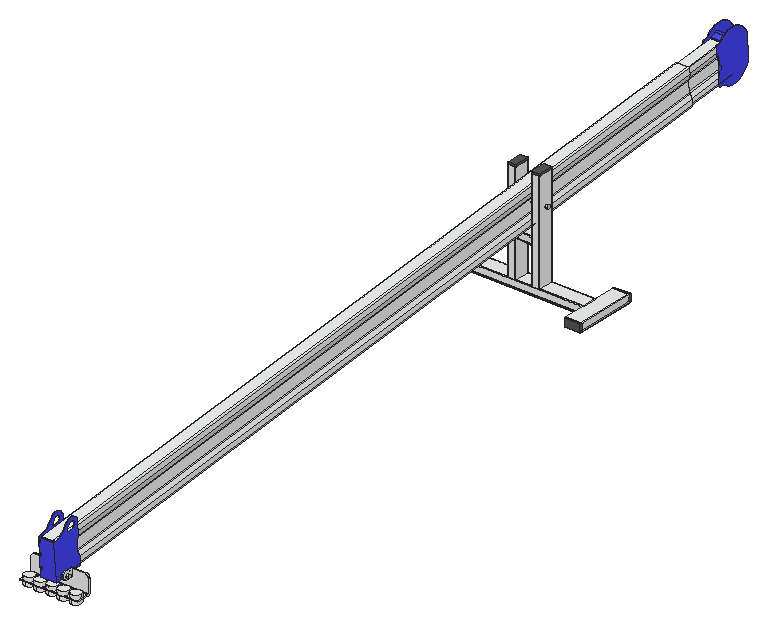
Revit family "FallProtection_RopeAccessNeedle_Kattsafe_400AFrame", category Specialty Equipment, Revit 2025
Family settings
  Round Connector Dimension = Use Diameter
  Part Type = Normal
  OmniClass Number = 23.27.71.21
  Work Plane-Based = No
  Enable Cutting in Views = No
  Always vertical = Yes
  Cut with Voids When Loaded = No
  Maintain Annotation Orientation = No
  Shared = No
  Room Calculation Point = No
Parameters (values of type "1500 Cantilever - Horizontal Trolley (OH404.1500 + OH448A)")
  Uniclass2015Version = "Products v1.23"
  Uniclass2015Title = "Davit arms"
  Uniclass2015Code = "Pr_40_70_75_21"
  URL = "https://kattsafe.com.au/"
  Type IFC Predefined Type = "USERDEFINED"
  Type Comments = "400mm A-Frame - 1500mm Extension - Horizontal Trolley Rear Attachment"
  TrolleyAlignOffset = 15 mm
  SafetyDisclaimer [instance] = "WARNING! The correct placement of access, fall protection and facade maintenance systems is critical to ensure it is fit-for-purpose and safe for the operator to use. Did you know Kattsafe® have a dedicated team of Height Safety System Design Specialists? Kattsafe® provide one-on-one consultation and system design assistance to ensure you are meeting the stringent requirements of height safety and to give you PEACE OF MIND with your project."  # constant formula
  RearMemberFixingPointCalc = RearBeamHeight / 2 - 20 mm  # 75 mm
  RearBeamWidth = if(ExtendableBoom, 70 mm, 60 mm)  # 70 mm
  RearBeamHeight = if(ExtendableBoom, 190 mm, 180 mm)  # 190 mm
  RearBeamAngledHeightCalc = RearBeamHeight - 20 mm  # 170 mm
  RearAttachmentType = Rearattachment_Kattsafe_Needle : Horizontal Trolley (OH448A)
  ModifiedIssue = 20240430
  Model = "OH404.15 + OH448A"
  Material = Aluminum_Kattsafe_Satin
  ManufacturerURLProductSpecific = "https://kattsafe.com.au/products/davits-needles/needles"
  ManufacturerSpecCode = Model  # "OH404.15 + OH448A"
  ManufacturerOverallWidth = 760 mm  # constant formula
  ManufacturerHeightFromFFL [instance] = 0 mm
  Manufacturer = "Kattsafe®"  # constant formula
  MainBoomCenterExtension = if([1500Extension], 975 mm, 0 mm)  # 975 mm
  Keynote = ""
  IfcExportType = "USERDEFINED"
  IfcExportAs = "IfcBuildingElementProxyType"
  NeedleFullyRetracted [instance] = not(NeedleFullyExtended)  # yes
  NeedleFullyExtended [instance] = no
  FramePinHeight = 406 mm  # constant formula
  RearFixingHeight = 42 mm
  ExtendableBoom = [1500Extension]  # yes
  Export Type to IFC As = "IfcBuildingElementProxyType"
  ElementType = "Fall Protection"
  DesiredHeightOffset [instance] = 406 mm
  DesiredBackspanLength [instance] = 3000 mm
  Description = "Kattsafe needles are designed for rope access on roofs where the load needs to be spread to avoid damaging the roof area, and for roofs with no parapets."  # constant formula
  Default Elevation = 0 mm
  CreatedByURL = "https://igsgroup.com.au"
  CreatedBy = "IGS BIM Solutions"  # constant formula
  Assembly Code = "E1090100"
  ActualHeightOffset [instance] = if(DesiredHeightOffset < RearFixingHeight + (RearBeamHeight / 2), RearFixingHeight + (RearBeamHeight / 2), DesiredHeightOffset)  # 406 mm
  ActualCantileverLength [instance] = if([1200Extension], 1210 mm, if(and([1500Extension], NeedleFullyRetracted), 1270 mm, 1520 mm))  # 1270 mm
  ActualBackspanLength [instance] = if(DesiredBackspanLength < ActualCantileverLength * 1.5, ActualCantileverLength * 1.5, if(DesiredBackspanLength > 6000 mm, 6000 mm, DesiredBackspanLength))  # 3000 mm
  1500Extension = not([1200Extension])  # yes
  1200Extension = no
Reference planes
  plane 1 "Center (Front/Back)": y = 0
  plane 2 "Ref. Level": z = 0
  plane 3 "Center (Left/Right)": x = 0
  plane 4 "Left": x = -380
  plane 5 "Right": x = 380
  plane 6 "Bottom": z = 0
  plane 7 "PivotCentre": z = 406
  plane 8 "ActualHeightOffset": z = 0
  plane 9 "DesiredBackspan": y = -3000
  plane 10 "ActualBackspan": y = -3000
  plane 11 "RearFixingPoint": z = 42
  plane 12 "RearMountAlignVertical": z = 0
  plane 13 "FrameFrontOffset": y = 150
  plane 14 "FrameBackOffset": y = -150
  plane 15 "FrameFront": y = 158.5
  plane 16 "FrameBack": y = -158.5
  plane 17 "LeftFrameOffset": x = -300
  plane 18 "RightFrameOffset": x = 300
  plane 19 "StandFront": y = 40
  plane 20 "StandBack": y = -40
  plane 21 "BaseTop": z = 44.5
  plane 22 "BaseBtm": z = 6
  plane 23 "LeftVertical1": x = -79.5
  plane 24 "LeftVertical2": x = -41
  plane 25 "RightVertical1": x = 41
  plane 26 "RightVertical2": x = 79.5
  plane 27 "FrameTop1": z = 271
  plane 28 "FrameBottom": z = 232.5
  plane 29 "FrameTopOffset": z = 556.5
  plane 30 "FrameTop": z = 565
  plane 31 "RearMountAlignHorizontal": y = -2985
Forms (mm)
  Extrusion 1, solid, material "Aluminum_Kattsafe_Satin" <- "Material"
    sketch origin (0, 0, 0) x (1, 0, 0) y (0, 0, 1)
      loop
        arc (-377, 44.5) -> (-379.121, 43.621) -> (-380, 41.5) r 3
        line (-380, 41.5) -> (-380, 9)
        arc (-380, 9) -> (-379.121, 6.879) -> (-377, 6) r 3
        line (-377, 6) -> (-303, 6)
        arc (-303, 6) -> (-300.879, 6.879) -> (-300, 9) r 3
        line (-300, 9) -> (-300, 41.5)
        arc (-300, 41.5) -> (-300.879, 43.621) -> (-303, 44.5) r 3
        line (-303, 44.5) -> (-377, 44.5)
      loop
        line (377, 44.5) -> (303, 44.5)
        arc (303, 44.5) -> (300.879, 43.621) -> (300, 41.5) r 3
        line (300, 41.5) -> (300, 9)
        arc (300, 9) -> (300.879, 6.879) -> (303, 6) r 3
        line (303, 6) -> (377, 6)
        arc (377, 6) -> (379.121, 6.879) -> (380, 9) r 3
        line (380, 9) -> (380, 41.5)
        arc (380, 41.5) -> (379.121, 43.621) -> (377, 44.5) r 3
    from -150 to 150
  Extrusion 2, solid, material "Aluminum_Kattsafe_Satin" <- "Material"
    sketch origin (94.8, 0, 0) x (0, -1, 0) y (0, 0, 1)
      loop
        arc (-37, 44.5) -> (-39.121, 43.621) -> (-40, 41.5) r 3
        line (-40, 41.5) -> (-40, 9)
        arc (-40, 9) -> (-39.121, 6.879) -> (-37, 6) r 3
        line (-37, 6) -> (37, 6)
        arc (37, 6) -> (39.121, 6.879) -> (40, 9) r 3
        line (40, 9) -> (40, 41.5)
        arc (40, 41.5) -> (39.121, 43.621) -> (37, 44.5) r 3
        line (37, 44.5) -> (-37, 44.5)
    from -205.2 to 394.8
  Extrusion 3, solid, material "Plastic_Kattsafe_Black"
    sketch origin (0, -130, 0) x (1, 0, 0) y (0, 0, 1)
      loop
        arc (-377, 44.5) -> (-379.121, 43.621) -> (-380, 41.5) r 3
        line (-380, 41.5) -> (-380, 9)
        arc (-380, 9) -> (-379.121, 6.879) -> (-377, 6) r 3
        line (-377, 6) -> (-303, 6)
        arc (-303, 6) -> (-300.879, 6.879) -> (-300, 9) r 3
        line (-300, 9) -> (-300, 41.5)
        arc (-300, 41.5) -> (-300.879, 43.621) -> (-303, 44.5) r 3
        line (-303, 44.5) -> (-377, 44.5)
      loop
        line (377, 44.5) -> (303, 44.5)
        arc (303, 44.5) -> (300.879, 43.621) -> (300, 41.5) r 3
        line (300, 41.5) -> (300, 9)
        arc (300, 9) -> (300.879, 6.879) -> (303, 6) r 3
        line (303, 6) -> (377, 6)
        arc (377, 6) -> (379.121, 6.879) -> (380, 9) r 3
        line (380, 9) -> (380, 41.5)
        arc (380, 41.5) -> (379.121, 43.621) -> (377, 44.5) r 3
    from 20 to 28.5
  Extrusion 4, solid, material "Plastic_Kattsafe_Black"
    sketch origin (0, 130, 0) x (1, 0, 0) y (0, 0, -1)
      loop
        line (-377, -44.5) -> (-303, -44.5)
        arc (-303, -44.5) -> (-300.879, -43.621) -> (-300, -41.5) r 3
        line (-300, -41.5) -> (-300, -9)
        arc (-300, -9) -> (-300.879, -6.879) -> (-303, -6) r 3
        line (-303, -6) -> (-377, -6)
        arc (-377, -6) -> (-379.121, -6.879) -> (-380, -9) r 3
        line (-380, -9) -> (-380, -41.5)
        arc (-380, -41.5) -> (-379.121, -43.621) -> (-377, -44.5) r 3
      loop
        arc (377, -44.5) -> (379.121, -43.621) -> (380, -41.5) r 3
        line (380, -41.5) -> (380, -9)
        arc (380, -9) -> (379.121, -6.879) -> (377, -6) r 3
        line (377, -6) -> (303, -6)
        arc (303, -6) -> (300.879, -6.879) -> (300, -9) r 3
        line (300, -9) -> (300, -41.5)
        arc (300, -41.5) -> (300.879, -43.621) -> (303, -44.5) r 3
        line (303, -44.5) -> (377, -44.5)
    from 20 to 28.5
  Extrusion 5, solid, material "Rubber_Kattsafe_Black"
    sketch origin (0, 0, 0) x (1, 0, 0) y (0, 1, 0)
      loop
        line (-377.5, 150) -> (-377.5, -150) -> (-302.5, -150) -> (-302.5, -37.5) -> (302.5, -37.5) -> (302.5, -150) -> (377.5, -150) -> (377.5, 150) -> (302.5, 150) -> (302.5, 37.5) -> (-302.5, 37.5) -> (-302.5, 150) -> (-377.5, 150)
    from 0 to 6
  Extrusion 6, solid, material "Aluminum_Kattsafe_Satin" <- "Material"
    sketch origin (94.8, 0, 200) x (0, -1, 0) y (0, 0, 1)
      loop
        arc (-37, 71) -> (-39.121, 70.121) -> (-40, 68) r 3
        line (-40, 68) -> (-40, 35.5)
        arc (-40, 35.5) -> (-39.121, 33.379) -> (-37, 32.5) r 3
        line (-37, 32.5) -> (37, 32.5)
        arc (37, 32.5) -> (39.121, 33.379) -> (40, 35.5) r 3
        line (40, 35.5) -> (40, 68)
        arc (40, 68) -> (39.121, 70.121) -> (37, 71) r 3
        line (37, 71) -> (-37, 71)
    from 53.8 to 135.8
  Extrusion 7, solid, material "Steel_Stainless_Kattsafe_Satin"
    sketch origin (0, 0, 0) x (0, 1, 0) y (0, 0, 1)
      loop
        circle (0, 406) r 8
    from -94 to 94
  Extrusion 8, solid, material "Aluminum_Kattsafe_Satin" <- "Material"
    sketch origin (525.25, 0, 620.05) x (-1, 0, 0) y (0, -1, 0)
      loop
        line (604.75, -37) -> (604.75, 37)
        arc (604.75, 37) -> (603.871, 39.121) -> (601.75, 40) r 3
        line (601.75, 40) -> (569.25, 40)
        arc (569.25, 40) -> (567.129, 39.121) -> (566.25, 37) r 3
        line (566.25, 37) -> (566.25, -37)
        arc (566.25, -37) -> (567.129, -39.121) -> (569.25, -40) r 3
        line (569.25, -40) -> (601.75, -40)
        arc (601.75, -40) -> (603.871, -39.121) -> (604.75, -37) r 3
      loop
        arc (445.75, -37) -> (446.629, -39.121) -> (448.75, -40) r 3
        line (448.75, -40) -> (481.25, -40)
        arc (481.25, -40) -> (483.371, -39.121) -> (484.25, -37) r 3
        line (484.25, -37) -> (484.25, 37)
        arc (484.25, 37) -> (483.371, 39.121) -> (481.25, 40) r 3
        line (481.25, 40) -> (448.75, 40)
        arc (448.75, 40) -> (446.629, 39.121) -> (445.75, 37) r 3
        line (445.75, 37) -> (445.75, -37)
    from -575.55 to -63.55
  Extrusion 9, solid, material "Plastic_Kattsafe_Black"
    sketch origin (525.25, 0, 645.05) x (-1, 0, 0) y (0, -1, 0)
      loop
        line (604.75, -37) -> (604.75, 37)
        arc (604.75, 37) -> (603.871, 39.121) -> (601.75, 40) r 3
        line (601.75, 40) -> (569.25, 40)
        arc (569.25, 40) -> (567.129, 39.121) -> (566.25, 37) r 3
        line (566.25, 37) -> (566.25, -37)
        arc (566.25, -37) -> (567.129, -39.121) -> (569.25, -40) r 3
        line (569.25, -40) -> (601.75, -40)
        arc (601.75, -40) -> (603.871, -39.121) -> (604.75, -37) r 3
      loop
        arc (445.75, -37) -> (446.629, -39.121) -> (448.75, -40) r 3
        line (448.75, -40) -> (481.25, -40)
        arc (481.25, -40) -> (483.371, -39.121) -> (484.25, -37) r 3
        line (484.25, -37) -> (484.25, 37)
        arc (484.25, 37) -> (483.371, 39.121) -> (481.25, 40) r 3
        line (481.25, 40) -> (448.75, 40)
        arc (448.75, 40) -> (446.629, 39.121) -> (445.75, 37) r 3
        line (445.75, 37) -> (445.75, -37)
    from -88.55 to -80.05
  Extrusion 10, void
    sketch origin (0, 0, 0) x (0, 1, 0) y (0, 0, 1)
      loop
        circle (0, 406) r 9
    from -79.5 to 79.5
Cuts and joins
  Extrusion 10 cuts Extrusion 8
Lines and regions (mm)
  Masking region 1
    outline origin (0, 0, 0) x (1, 0, 0) y (0, 1, 0)
      loop
        line (-380, 158.5) -> (-380, -158.5) -> (-300, -158.5) -> (-300, -40) -> (-35, -40) -> (-35, 40) -> (-300, 40) -> (-300, 158.5) -> (-380, 158.5)
      loop
        line (300, 158.5) -> (300, 40) -> (35, 40) -> (35, -40) -> (300, -40) -> (300, -158.5) -> (380, -158.5) -> (380, 158.5) -> (300, 158.5)
  Masking region 2
    outline origin (0, 0, 0) x (1, 0, 0) y (0, 1, 0)
      loop
        line (-35, 970.518) -> (-35, -3049.13) -> (35, -3049.13) -> (35, 970.518) -> (-35, 970.518)
  Masking region 3
    outline origin (704.8, 675.2, 0) x (1, 0, 0) y (0, 1, 0)
      loop
        line (-734.8, 588.962) -> (-734.8, 295.318) -> (-674.8, 295.318) -> (-674.8, 588.962) -> (-734.8, 588.962)
  Masking region 4, detail levels medium+fine
    outline origin (0, 25.955, 0) x (1, 0, 0) y (0, 1, 0)
      loop
        line (-35.45, 1305.207) -> (-35.45, 1115.207) -> (-30, 1115.207) -> (-30, 1305.207) -> (-35.45, 1305.207)
      loop
        line (35.3, 1305.207) -> (30, 1305.207) -> (30, 1115.207) -> (35.3, 1115.207) -> (35.3, 1305.207)
  Masking region 5
    outline origin (0, 0, 0) x (1, 0, 0) y (0, 1, 0)
      loop
        line (-35, -2907.13) -> (-39, -2907.13) -> (-39, -3057.13) -> (39, -3057.13) -> (39, -2907.13) -> (35, -2907.13) -> (35, -3053.336) -> (-35, -3053.336) -> (-35, -2907.13)
  symbolic lines, style "Fall Arrest Systems"
    curve 1: line (380, 150, 0) -> (300, 150, 0)
    curve 2: line (-300, 150, 0) -> (-380, 150, 0)
    curve 3: line (300, -150, 0) -> (380, -150, 0)
    curve 4: line (-380, -150, 0) -> (-300, -150, 0)
    curve 5: line (-79.5, 40, 0) -> (-79.5, -40, 0)
    curve 6: line (-41, -40, 0) -> (-41, 40, 0)
    curve 7: line (41, -40, 0) -> (41, 40, 0)
    curve 8: line (79.5, 40, 0) -> (79.5, -40, 0)
  reference lines
    curve 9: line (0, 7.183, 331.345) -> (0, 0, 406)
    curve 10: line (0, 7.183, 331.345) -> (0, -3000, 42)
    curve 11: line (0, -3000, 42) -> (0, -3002.152, 64.369)
    curve 12: line (0, 0, 406) -> (0, 1264.162, 527.635)
    curve 13: line (0, 1264.162, 527.635) -> (0, 1261.767, 552.52)
    curve 14: line (0, 970.518, 499.381) -> (0, 967.645, 529.243)
    curve 16: line (0, -3000, 42) -> (0, -3032.848, 38.839)
    curve 17: line (0, -3032.848, 38.839) -> (0, -3049.13, 208.058)
  symbolic lines, style "Fall Arrest Systems", visible <- "ExtendableBoom"
    curve 15: line (-35, 970.518, 0) -> (35, 970.518, 0)
Text (mm)
  text "Disclaimer:\nDue to ongoing product development and manufacturing \nevolution, product details are subject to change without \nnotice. Please refer to product technical data sheets on \nthe manufacturers website for the most current product \ninformation. Please allow a +/- 5mm manufacturing \ntolerance for dimensions and set-outs shown in product \nliterature." at (1592.109, -111.005, 0), in view "Ref. Level"
Dimensions and locks
  equal spacing: plane 4 "Left", plane 3 "Center (Left/Right)", plane 5 "Right"
  "ManufacturerOverallWidth": plane 4 "Left" to plane 5 "Right"
  "ManufacturerHeightFromFFL": plane 6 "Bottom" to plane 2 "Ref. Level"
  "FramePinHeight": plane 6 "Bottom" to plane 7 "PivotCentre"
  "RearFixingHeight": plane 11 "RearFixingPoint" to plane 8 "ActualHeightOffset"
  "ActualBackspanLength": plane 1 "Center (Front/Back)" to plane 10 "ActualBackspan"
  "ActualHeightOffset": plane 7 "PivotCentre" to plane 8 "ActualHeightOffset"
  "DesiredBackspanLength": plane 1 "Center (Front/Back)" to plane 9 "DesiredBackspan"
  "DesiredHeightOffset": plane 7 "PivotCentre" to plane 12 "RearMountAlignVertical"
  Masking region 2 sketch curve to plane 10 "ActualBackspan" = 49.13 mm
  plane 14 "FrameBackOffset" to plane 1 "Center (Front/Back)" to plane 13 "FrameFrontOffset" = 150 mm locked, 150 mm locked
  locked: plane 18 "RightFrameOffset" to plane 5 "Right" at 80
  locked: plane 4 "Left" to plane 17 "LeftFrameOffset" at 80
  locked: plane 15 "FrameFront" to plane 13 "FrameFrontOffset" at 8.5
  locked: plane 14 "FrameBackOffset" to plane 16 "FrameBack" at 8.5
  plane 20 "StandBack" to plane 1 "Center (Front/Back)" to plane 19 "StandFront" = 40 mm locked, 40 mm locked
  locked: plane 22 "BaseBtm" to plane 6 "Bottom" at 6
  locked: plane 21 "BaseTop" to plane 22 "BaseBtm" at 38.5
  plane 23 "LeftVertical1" to plane 24 "LeftVertical2" to plane 3 "Center (Left/Right)" = 38.5 mm locked, 41 mm locked
  plane 3 "Center (Left/Right)" to plane 25 "RightVertical1" to plane 26 "RightVertical2" = 41 mm locked, 38.5 mm locked
  locked: plane 28 "FrameBottom" to plane 27 "FrameTop1" at 38.5
  locked: plane 21 "BaseTop" to plane 28 "FrameBottom" at 188
  locked: plane 29 "FrameTopOffset" to plane 30 "FrameTop" at 8.5
  locked: plane 21 "BaseTop" to plane 29 "FrameTopOffset" at 512
  "RearMemberFixingPointCalc": curve 10 to curve 12
  "ActualCantileverLength": plane 7 "PivotCentre" to curve 13
  equal spacing: Masking region 2 sketch curve, plane 3 "Center (Left/Right)", Masking region 2 sketch curve
  "RearBeamWidth": Masking region 2 sketch curve to Masking region 2 sketch curve
  locked: Masking region 3 sketch curve to Masking region 3 sketch curve at 60
  equal spacing: Masking region 3 sketch curve, plane 3 "Center (Left/Right)", Masking region 3 sketch curve
  Masking region 4 sketch curve to Masking region 4 sketch curve = 190 mm
  "MainBoomCenterExtension": curve 9 to curve 14
  locked: curve 13 to Masking region 4 sketch curve at 67
  equal spacing: Masking region 1 sketch curve, plane 3 "Center (Left/Right)", Masking region 1 sketch curve
  "RearBeamWidth": Masking region 1 sketch curve to Masking region 1 sketch curve
  locked: curve 17 to curve 11 at 33
  "RearBeamAngledHeightCalc": curve 17 to curve 17
  locked: Masking region 5 sketch curve to Masking region 5 sketch curve at 150
  locked: Masking region 5 sketch curve to Masking region 5 sketch curve at 3.794
  locked: Masking region 5 sketch curve to Masking region 5 sketch curve at 4  (x2)
  equal spacing: Masking region 5 sketch curve, plane 3 "Center (Left/Right)", Masking region 5 sketch curve
  "RearBeamWidth": Masking region 5 sketch curve to Masking region 5 sketch curve
  locked: curve 17 to Masking region 5 sketch curve at 8
  "TrolleyAlignOffset": plane 31 "RearMountAlignHorizontal" to plane 10 "ActualBackspan"
  radius of Extrusion 1 sketch curve = 3 mm  (x8)
  radius of Extrusion 2 sketch curve = 3 mm  (x4)
  radius of Extrusion 3 sketch curve = 3 mm  (x8)
  radius of Extrusion 4 sketch curve = 3 mm  (x8)
  radius of Extrusion 6 sketch curve = 3 mm  (x4)
  radius of Extrusion 7 sketch curve = 8 mm
  radius of Extrusion 8 sketch curve = 3 mm  (x7)
  radius of Extrusion 9 sketch curve = 3 mm  (x7)
  radius of Extrusion 10 sketch curve = 9 mm
  locked: curve 10 to curve 9 (angle 90.00°)
  locked: curve 11 to curve 10 (angle 90.00°)
  locked: curve 12 to curve 9 (angle 90.00°)
  locked: curve 12 to curve 13 (angle 90.00°)
  locked: curve 12 to curve 14 (angle 90.00°)
  locked: curve 16 to curve 11 (angle 90.00°)
  locked: curve 17 to curve 16 (angle 90.00°)
  aligned and locked: level to plane 2 "Ref. Level"
  aligned and locked: Masking region 1 sketch curve to plane 5 "Right"
  aligned and locked: plane 4 "Left" to Masking region 1 sketch curve
  aligned and locked: Masking region 1 to Masking region 1  (x6)
  aligned and locked: Masking region 1 to curve 5  (x2)
  aligned and locked: Masking region 1 to curve 6  (x2)
  aligned and locked: Masking region 1 to curve 7
  aligned and locked: Masking region 1 to curve 8
  aligned and locked: curve 7 to Masking region 1
  aligned and locked: plane 21 "BaseTop" to Extrusion 1 sketch curve
  aligned and locked: plane 4 "Left" to Extrusion 1 sketch curve
  aligned and locked: Extrusion 1 sketch curve to plane 22 "BaseBtm"
  aligned and locked: plane 17 "LeftFrameOffset" to Extrusion 1 sketch curve
  aligned and locked: plane 13 "FrameFrontOffset" to Extrusion 1
  aligned and locked: Extrusion 1 to plane 14 "FrameBackOffset"
  aligned and locked: Extrusion 1 sketch curve to plane 21 "BaseTop"
  aligned and locked: plane 22 "BaseBtm" to Extrusion 1 sketch curve
  aligned and locked: plane 5 "Right" to Extrusion 1 sketch curve
  aligned and locked: plane 18 "RightFrameOffset" to Extrusion 1 sketch curve
  aligned and locked: Extrusion 2 sketch curve to plane 19 "StandFront"
  aligned and locked: plane 20 "StandBack" to Extrusion 2 sketch curve
  aligned and locked: plane 21 "BaseTop" to Extrusion 2 sketch curve
  aligned and locked: Extrusion 2 sketch curve to plane 22 "BaseBtm"
  aligned and locked: Extrusion 2 to plane 18 "RightFrameOffset"
  aligned and locked: plane 17 "LeftFrameOffset" to Extrusion 2
  aligned and locked: Extrusion 3 sketch curve to plane 21 "BaseTop"
  aligned and locked: plane 22 "BaseBtm" to Extrusion 3 sketch curve
  aligned and locked: plane 18 "RightFrameOffset" to Extrusion 3 sketch curve
  aligned and locked: plane 5 "Right" to Extrusion 3 sketch curve
  aligned and locked: plane 17 "LeftFrameOffset" to Extrusion 3 sketch curve
  aligned and locked: plane 4 "Left" to Extrusion 3 sketch curve
  aligned and locked: plane 21 "BaseTop" to Extrusion 3 sketch curve
  aligned and locked: Extrusion 3 sketch curve to plane 22 "BaseBtm"
  aligned and locked: plane 14 "FrameBackOffset" to Extrusion 3
  aligned and locked: Extrusion 3 to plane 16 "FrameBack"
  aligned and locked: plane 22 "BaseBtm" to Extrusion 4 sketch curve
  aligned and locked: Extrusion 4 sketch curve to plane 22 "BaseBtm"
  aligned and locked: Extrusion 4 sketch curve to plane 21 "BaseTop"
  aligned and locked: plane 21 "BaseTop" to Extrusion 4 sketch curve
  aligned and locked: Extrusion 4 sketch curve to plane 18 "RightFrameOffset"
  aligned and locked: Extrusion 4 sketch curve to plane 17 "LeftFrameOffset"
  aligned and locked: Extrusion 4 sketch curve to plane 4 "Left"
  aligned and locked: Extrusion 4 sketch curve to plane 5 "Right"
  aligned and locked: Extrusion 4 to plane 13 "FrameFrontOffset"
  aligned and locked: plane 15 "FrameFront" to Extrusion 4
  aligned and locked: Extrusion 5 to plane 22 "BaseBtm"
  aligned and locked: Extrusion 5 to plane 6 "Bottom"
  aligned and locked: plane 27 "FrameTop1" to Extrusion 6 sketch curve
  aligned and locked: Extrusion 6 sketch curve to plane 28 "FrameBottom"
  aligned and locked: Extrusion 6 sketch curve to plane 19 "StandFront"
  aligned and locked: plane 20 "StandBack" to Extrusion 6 sketch curve
  aligned and locked: Extrusion 6 to plane 24 "LeftVertical2"
  aligned and locked: plane 25 "RightVertical1" to Extrusion 6
  aligned and locked: plane 7 "PivotCentre" to Extrusion 7 sketch curve
  aligned and locked: plane 1 "Center (Front/Back)" to Extrusion 7 sketch curve
  aligned and locked: plane 19 "StandFront" to Extrusion 8 sketch curve
  aligned and locked: Extrusion 8 sketch curve to plane 20 "StandBack"
  aligned and locked: Extrusion 8 sketch curve to plane 23 "LeftVertical1"
  aligned and locked: plane 24 "LeftVertical2" to Extrusion 8 sketch curve
  aligned and locked: Extrusion 8 sketch curve to plane 26 "RightVertical2"
  aligned and locked: plane 25 "RightVertical1" to Extrusion 8 sketch curve
  aligned and locked: Extrusion 8 sketch curve to plane 19 "StandFront"
  aligned and locked: plane 20 "StandBack" to Extrusion 8 sketch curve
  aligned and locked: plane 21 "BaseTop" to Extrusion 8
  aligned and locked: Extrusion 8 to plane 29 "FrameTopOffset"
  aligned and locked: plane 29 "FrameTopOffset" to Extrusion 9
  aligned and locked: plane 24 "LeftVertical2" to Extrusion 9 sketch curve
  aligned and locked: Extrusion 9 sketch curve to plane 23 "LeftVertical1"
  aligned and locked: plane 25 "RightVertical1" to Extrusion 9 sketch curve
  aligned and locked: Extrusion 9 sketch curve to plane 26 "RightVertical2"
  aligned and locked: Extrusion 9 sketch curve to plane 19 "StandFront"
  aligned and locked: plane 19 "StandFront" to Extrusion 9 sketch curve
  aligned and locked: plane 20 "StandBack" to Extrusion 9 sketch curve
  aligned and locked: Extrusion 9 sketch curve to plane 20 "StandBack"
  aligned and locked: plane 1 "Center (Front/Back)" to Extrusion 10 sketch curve
  aligned and locked: plane 7 "PivotCentre" to Extrusion 10 sketch curve
  aligned and locked: Extrusion 10 to plane 23 "LeftVertical1"
  aligned and locked: plane 26 "RightVertical2" to Extrusion 10
  aligned and locked: Extrusion 9 to plane 30 "FrameTop"
  aligned and locked: plane 1 "Center (Front/Back)" to curve 9
  aligned and locked: nested 1 to curve 10
  aligned and locked: curve 11 to plane 10 "ActualBackspan"
  aligned and locked: plane 10 "ActualBackspan" to nested 2
  aligned and locked: nested 2 to plane 3 "Center (Left/Right)"
  aligned and locked: nested 1 to curve 13
  aligned and locked: nested 1 to curve 11
  aligned and locked: plane 8 "ActualHeightOffset" to nested 2
  aligned and locked: Masking region 4 sketch curve to Masking region 4 sketch curve  (x2)
  aligned and locked: Masking region 2 sketch curve to curve 14
  aligned and locked: Masking region 3 sketch curve to curve 13
  aligned and locked: Masking region 3 to curve 14
  aligned and locked: curve 15 to curve 14
  aligned and locked: Masking region 2 to curve 17
  aligned and locked: Masking region 5 sketch curve to Masking region 5 sketch curve
  aligned and locked: plane 7 "PivotCentre" to curve 9
  aligned and locked: nested 1 to curve 9
Automatic sketch dimensions
  plane 16 "FrameBack" to Masking region 1 sketch curve = 0 mm  (x2)
  Masking region 1 sketch curve to plane 17 "LeftFrameOffset" = 0 mm  (x2)
  Masking region 1 sketch curve to plane 15 "FrameFront" = 0 mm  (x2)
  Masking region 1 sketch curve to plane 20 "StandBack" = 0 mm  (x2)
  Masking region 1 sketch curve to plane 19 "StandFront" = 0 mm  (x2)
  Masking region 1 sketch curve to plane 18 "RightFrameOffset" = 0 mm  (x2)
  Extrusion 5 sketch curve to plane 13 "FrameFrontOffset" = 0 mm  (x2)
  Extrusion 5 sketch curve to plane 14 "FrameBackOffset" = 0 mm  (x2)
  plane 4 "Left" to Extrusion 5 sketch curve = 2.5 mm
  plane 17 "LeftFrameOffset" to Extrusion 5 sketch curve = 2.5 mm  (x2)
  Extrusion 5 sketch curve to plane 18 "RightFrameOffset" = 2.5 mm  (x2)
  Extrusion 5 sketch curve to plane 5 "Right" = 2.5 mm
  plane 20 "StandBack" to Extrusion 5 sketch curve = 2.5 mm
  Extrusion 5 sketch curve to plane 19 "StandFront" = 2.5 mm
  Extrusion 8 sketch curve to Extrusion 8 sketch curve = 3 mm
  Extrusion 9 sketch curve to Extrusion 9 sketch curve = 3 mm
  plane 24 "LeftVertical2" to Masking region 4 sketch curve = 5.55 mm
  Masking region 4 sketch curve to Masking region 4 sketch curve = 5.45 mm
  Masking region 4 sketch curve to plane 25 "RightVertical1" = 11 mm
  Masking region 4 sketch curve to Masking region 4 sketch curve = 5.3 mm
  Masking region 3 sketch curve to Masking region 3 sketch curve = 293.644 mm
  curve 4 to plane 4 "Left" = 0 mm
  curve 2 to plane 4 "Left" = 0 mm
  curve 2 to plane 13 "FrameFrontOffset" = 0 mm
  curve 2 to plane 17 "LeftFrameOffset" = 0 mm
  curve 4 to plane 14 "FrameBackOffset" = 0 mm
  curve 4 to plane 17 "LeftFrameOffset" = 0 mm
  curve 5 to plane 23 "LeftVertical1" = 0 mm
  curve 6 to plane 24 "LeftVertical2" = 0 mm
  curve 7 to plane 25 "RightVertical1" = 0 mm
  curve 8 to plane 26 "RightVertical2" = 0 mm
  curve 3 to plane 14 "FrameBackOffset" = 0 mm
  curve 3 to plane 18 "RightFrameOffset" = 0 mm
  curve 1 to plane 13 "FrameFrontOffset" = 0 mm
  curve 1 to plane 18 "RightFrameOffset" = 0 mm
  curve 1 to plane 5 "Right" = 0 mm
  curve 3 to plane 5 "Right" = 0 mm
  curve 8 to plane 19 "StandFront" = 0 mm
  plane 23 "LeftVertical1" to curve 15 = 44.5 mm
  curve 15 to plane 26 "RightVertical2" = 44.5 mm
  plane 11 "RearFixingPoint" to curve 10 = 0 mm
Nested families
  nested 1: "Z_Fallprotection_Kattsafe_Needle_Boomextendable" at (0, 7.183, 331.345) x (1, 0, 0) z (0, -0.0958, 0.9954), type "Type 1"
    with ExtensionLengthCalc 295 mm, CantileverLength 1270 mm, BackspanLength 3021.071 mm
  nested 2: "Rearattachment_Kattsafe_Needle" at (0, -3000, 0), type <- "RearAttachmentType", Material <- "Material", type "Horizontal Trolley (OH448A)"
    with Material Aluminum_Kattsafe_Satin
Definition of nested family "Z_Fallprotection_Kattsafe_Needle_Boomextendable"
  Parameters (values of type "Type 1")
    URL = "https://kattsafe.com.au/"
    Material = none
    Manufacturer = "SAYFA"  # constant formula
    MainBoomCenterOffsetCalc = 975 mm
    ExtensionLengthCalc [instance] = if(ExtendableBoom, CantileverLength - MainBoomCenterOffsetCalc, CantileverLength + BackspanLength + 33 mm)  # 290 mm
    ExtensionBoomBtmOffset = if(ExtendableBoom, 15 mm, 20 mm)  # 15 mm
    ExtendableBoom = yes
    EndHeight = if(ExtendableBoom, 190 mm, 180 mm)  # 190 mm
    EndHalfHeightCalc = if(1 = 1, EndHeight / 2, 0 mm)  # 95 mm
    EndDepthCalc = if(ExtendableBoom, 70 mm, 60 mm)  # 70 mm
    Default Elevation = 1219.2 mm
    CreatedByURL = "https://igsgroup.com.au"
    CreatedBy = "IGS BIM Solutions"  # constant formula
    CantileverLength [instance] = 1265 mm
    BackspanLength [instance] = 3508.654 mm
  Reference planes
    plane 1 "Center (Front/Back)": y = 0
    plane 2: z = 0
    plane 3 "Center (Left/Right)": x = 0
    plane 4: y = 1233
    plane 5: y = -3541.654
    plane 6: y = 1178
    plane 7: y = 1332.005
    plane 8 "CantileverEnd": y = 1265
    plane 9: y = -3508.654
    plane 10 "ExtensionEnd": y = 975
    plane 11: y = 975
    plane 12: x = -35
    plane 13: x = 35
    plane 14: x = -39
    plane 15: x = 39
    plane 16 "ExtensionBoomBtm": z = -15
    plane 17 "ExtensionCenter": z = 75
    plane 18: z = 170
    plane 19 "RearBoomBtm": z = -20
    plane 20: x = -35
    plane 21: x = 35
    plane 22: x = -39
    plane 23: x = 39
  Forms (mm)
    Extrusion 1, solid
      sketch origin (0, 0, 0) x (1, 0, 0) y (0, 1, 0)
        loop
          line (-1219.2, 1219.2) -> (-1219.2, -1219.2) -> (1219.2, -1219.2) -> (1219.2, 1219.2) -> (-1219.2, 1219.2)
      from 0 to -304.8
    Extrusion 2, solid
      sketch origin (0, 0, 0) x (0, 1, 0) y (0, 0, 1)
        loop
          arc (1239.878, -17.548) -> (1265, 74.681) -> (1240.191, 166.995) r 183
          arc (1240.191, 166.995) -> (1228.129, 177.446) -> (1212.17, 177.53) r 23
          line (1212.17, 177.53) -> (1187.361, 168.502) -> (1184, 168.502) -> (1184, 165) -> (1233, 165) -> (1233, -15) -> (1184, -15) -> (1184, -18.503) -> (1187.361, -18.503) -> (1212.17, -27.531)
          arc (1212.17, -27.531) -> (1227.831, -27.556) -> (1239.878, -17.548) r 23
      from -30 to 30
    Extrusion 3, void
      sketch origin (0, 0, 0) x (1, 0, 0) y (0, 1, 0)
        loop
          line (-35, -3391.654) -> (-35, -3545.654) -> (35, -3545.654) -> (35, -3391.654) -> (-35, -3391.654)
      from -52.349 to 243.511
    Extrusion 4, solid
      sketch origin (0, -0.009, 75) x (0, 1, 0) y (0, 0, 1)
        loop
          arc (-3399.655, 115.006) -> (-3423.343, 148.835) -> (-3463.233, 138.145) r 36
          line (-3463.233, 138.145) -> (-3478.451, 120.008)
          arc (-3478.451, 120.008) -> (-3502.491, 101.559) -> (-3532.076, 95) r 70
          line (-3532.076, 95) -> (-3549.644, 95) -> (-3549.644, -95) -> (-3409.644, -95)
          arc (-3409.644, -95) -> (-3402.573, -92.071) -> (-3399.644, -85) r 10
          line (-3399.644, -85) -> (-3399.644, -55.643)
          arc (-3399.644, -55.643) -> (-3399.921, -53.305) -> (-3400.738, -51.096) r 10
          arc (-3400.738, -51.096) -> (-3412.939, -5.182) -> (-3400.922, 40.78) r 93.193
          arc (-3400.922, 40.78) -> (-3399.977, 43.135) -> (-3399.655, 45.653) r 10
          line (-3399.655, 45.653) -> (-3399.655, 115.006)
        loop
          line (-3450.976, 127.861) -> (-3464.764, 111.427)
          arc (-3464.764, 111.427) -> (-3466.166, 100.773) -> (-3457.103, 95) r 10
          line (-3457.103, 95) -> (-3425.655, 95)
          arc (-3425.655, 95) -> (-3418.584, 97.929) -> (-3415.655, 105) r 10
          line (-3415.655, 105) -> (-3415.655, 115.006)
          arc (-3415.655, 115.006) -> (-3428.815, 133.8) -> (-3450.976, 127.861) r 20
      from -39 to 39
    Extrusion 5, solid
      sketch origin (0, -65, -4.995) x (0, 1, 0) y (0, 0, 1)
        loop
          line (1397.005, 39.379) -> (1397.005, 120.61)
          arc (1397.005, 120.61) -> (1342.009, 202.909) -> (1244.676, 184.916) r 90
          arc (1244.676, 184.916) -> (1235.094, 178.728) -> (1223.896, 176.559) r 30
          line (1223.896, 176.559) -> (1217, 176.559)
          arc (1217, 176.559) -> (1209.929, 173.63) -> (1207, 166.559) r 10
          line (1207, 166.559) -> (1207, 153.246)
          arc (1207, 153.246) -> (1207.657, 147.004) -> (1209.598, 141.035) r 30
          arc (1209.598, 141.035) -> (1222.585, 79.991) -> (1209.605, 18.945) r 150
          arc (1209.605, 18.945) -> (1207.686, 13.078) -> (1207.009, 6.942) r 30
          line (1207.009, 6.942) -> (1207.009, -6.578)
          arc (1207.009, -6.578) -> (1209.908, -13.619) -> (1216.924, -16.578) r 10
          line (1216.924, -16.578) -> (1223.91, -16.578)
          arc (1223.91, -16.578) -> (1235.106, -18.745) -> (1244.684, -24.934) r 30
          arc (1244.684, -24.934) -> (1342.014, -42.917) -> (1397.005, 39.379) r 90
      from -35.45 to 35.3
    Extrusion 6, void
      sketch origin (0, 0, 0) x (1, 0, 0) y (0, 1, 0)
        loop
          line (-30, 1332.005) -> (-30, 1130.687) -> (30, 1130.687) -> (30, 1332.005) -> (-30, 1332.005)
      from -97.27 to 250
    Sweep 7, solid, material <- "Material"
      path origin (0, 0, -15) x (-1, 0, 0) y (0, -1, 0)
        loop
          line (0, -1233) -> (0, -975)
      profile origin (0, 1104, -15) x (1, 0, 0) y (0, 0, 1)
        loop
          line (-30, 176) -> (-30, 149.763) -> (-21.749, 127.093)
          arc (-21.749, 127.093) -> (-20.441, 122.211) -> (-20, 117.175) r 29
          line (-20, 117.175) -> (-20, 62.825)
          arc (-20, 62.825) -> (-20.441, 57.789) -> (-21.749, 52.907) r 29
          line (-21.749, 52.907) -> (-30, 30.237) -> (-30, 4)
          arc (-30, 4) -> (-28.828, 1.172) -> (-26, 0) r 4
          line (-26, 0) -> (26, 0)
          arc (26, 0) -> (28.828, 1.172) -> (30, 4) r 4
          line (30, 4) -> (30, 30.237) -> (21.749, 52.907)
          arc (21.749, 52.907) -> (20.441, 57.789) -> (20, 62.825) r 29
          line (20, 62.825) -> (20, 117.175)
          arc (20, 117.175) -> (20.441, 122.211) -> (21.749, 127.093) r 29
          line (21.749, 127.093) -> (30, 149.763) -> (30, 176)
          arc (30, 176) -> (28.828, 178.828) -> (26, 180) r 4
          line (26, 180) -> (-26, 180)
          arc (-26, 180) -> (-28.828, 178.828) -> (-30, 176) r 4
    Sweep 8, solid, material <- "Material", visible <- "ExtendableBoom"
      path origin (100.421, -3788.798, -20) x (0, 1, 0) y (-1, 0, 0)
        loop
          line (4763.798, 100.421) -> (247.144, 100.421)
      profile origin (0, -1283.327, -20) x (1, 0, 0) y (0, 0, 1)
        loop
          line (-25, 122.175) -> (-25, 67.825)
          arc (-25, 67.825) -> (-25.365, 63.657) -> (-26.447, 59.616) r 24
          line (-26.447, 59.616) -> (-35, 36.118) -> (-35, 6)
          arc (-35, 6) -> (-33.243, 1.757) -> (-29, 0) r 6
          line (-29, 0) -> (29, 0)
          arc (29, 0) -> (33.243, 1.757) -> (35, 6) r 6
          line (35, 6) -> (35, 36.118) -> (26.447, 59.616)
          arc (26.447, 59.616) -> (25.365, 63.657) -> (25, 67.825) r 24
          line (25, 67.825) -> (25, 122.175)
          arc (25, 122.175) -> (25.365, 126.343) -> (26.447, 130.384) r 24
          line (26.447, 130.384) -> (35, 153.882) -> (35, 184)
          arc (35, 184) -> (33.243, 188.243) -> (29, 190) r 6
          line (29, 190) -> (-29, 190)
          arc (-29, 190) -> (-33.243, 188.243) -> (-35, 184) r 6
          line (-35, 184) -> (-35, 153.882) -> (-26.447, 130.384)
          arc (-26.447, 130.384) -> (-25.365, 126.343) -> (-25, 122.175) r 24
  Cuts and joins
    Extrusion 3 cuts Extrusion 4
    Extrusion 6 cuts Extrusion 5
  Lines and regions (mm)
    Masking region 1
      outline origin (0, 0, 0) x (1, 0, 0) y (0, 1, 0)
        loop
          line (-25, 1233) -> (-25, 975) -> (34, 975) -> (34, 1233) -> (-25, 1233)
  Dimensions and locks
    plane 7 to plane 4 to plane 6 = 99.005 mm locked, 55 mm locked
    "CantileverLength": plane 8 "CantileverEnd" to plane 1 "Center (Front/Back)"
    "BackspanLength": plane 1 "Center (Front/Back)" to plane 9
    locked: plane 5 to Extrusion 3 sketch curve at 150
    locked: plane 5 to Extrusion 3 sketch curve at 4
    locked: plane 8 "CantileverEnd" to plane 4 at 32
    locked: plane 9 to plane 5 at 33
    "ExtensionLengthCalc": plane 8 "CantileverEnd" to plane 10 "ExtensionEnd"
    "MainBoomCenterOffsetCalc": plane 11 to plane 1 "Center (Front/Back)"
    locked: plane 14 to plane 12 at 4
    locked: plane 13 to plane 15 at 4
    equal spacing: plane 12, plane 3 "Center (Left/Right)", plane 13
    "EndDepthCalc": plane 12 to plane 13
    "ExtensionBoomBtmOffset": plane 16 "ExtensionBoomBtm" to plane 2
    locked: plane 16 "ExtensionBoomBtm" to plane 17 "ExtensionCenter" at 90
    Extrusion 4 sketch curve to Extrusion 4 sketch curve to Extrusion 4 sketch curve = 10 mm locked, 21.449 mm locked
    plane 18 to Extrusion 4 sketch curve to Extrusion 4 sketch curve to Extrusion 4 sketch curve to Extrusion 4 sketch curve = 10 mm locked, 0 mm locked, 10.006 mm locked, 0 mm locked
    "EndHeight": plane 19 "RearBoomBtm" to plane 18
    plane 19 "RearBoomBtm" to Extrusion 4 sketch curve to Extrusion 4 sketch curve = 10 mm locked, 29.357 mm locked
    locked: plane 2 to plane 19 "RearBoomBtm" at 20
    locked: Extrusion 4 sketch curve to plane 18 at 49.347
    equal spacing: plane 20, plane 3 "Center (Left/Right)", plane 21
    locked: plane 22 to plane 20 at 4
    locked: plane 21 to plane 23 at 4
    "EndDepthCalc": plane 20 to plane 21
    locked: Extrusion 2 sketch curve to plane 4 at 32
    Extrusion 2 sketch curve to plane 17 "ExtensionCenter" to Extrusion 2 sketch curve = 80.917 mm locked, 80.917 mm locked
    Extrusion 2 sketch curve to Extrusion 2 sketch curve to plane 17 "ExtensionCenter" to Extrusion 2 sketch curve to Extrusion 2 sketch curve = 3.503 mm locked, 90 mm locked, 90 mm locked, 3.503 mm locked
    plane 4 to Extrusion 2 sketch curve to Extrusion 2 sketch curve = 12.965 mm locked, 0 mm locked
    locked: plane 4 to Extrusion 2 sketch curve at 20.83  (x2)
    Extrusion 5 sketch curve to Extrusion 5 sketch curve to Extrusion 5 sketch curve to Extrusion 5 sketch curve to Extrusion 5 sketch curve to plane 17 "ExtensionCenter" to Extrusion 5 sketch curve to Extrusion 5 sketch curve to Extrusion 5 sketch curve to Extrusion 5 sketch curve to Extrusion 5 sketch curve = 30 mm locked, 10 mm locked, 13.315 mm locked, 33.258 mm locked, 40 mm locked, 40 mm locked, 33.252 mm locked, 13.313 mm locked, 10 mm locked, 30 mm locked
    locked: Extrusion 5 sketch curve to plane 17 "ExtensionCenter" at 0.012
    plane 7 to Extrusion 5 sketch curve to Extrusion 5 sketch curve to Extrusion 5 sketch curve to Extrusion 5 sketch curve to Extrusion 5 sketch curve to Extrusion 5 sketch curve to Extrusion 5 sketch curve to Extrusion 5 sketch curve to Extrusion 5 sketch curve to Extrusion 5 sketch curve = 89.998 mm locked, 0 mm locked, 69.998 mm locked, 0.008 mm locked, 13.091 mm locked, 0.013 mm locked, 6.887 mm locked, 0.009 mm locked, 9.991 mm locked, 0.009 mm locked
    Extrusion 6 sketch curve to Extrusion 6 sketch curve = 60 mm
    Extrusion 6 sketch curve to plane 3 "Center (Left/Right)" to Extrusion 6 sketch curve = 30 mm locked, 30 mm locked
    radius of Extrusion 4 sketch curve = 70 mm
    radius of Extrusion 4 sketch curve = 20 mm
    radius of Extrusion 4 sketch curve = 10 mm  (x5)
    radius of Extrusion 4 sketch curve = 36 mm
    radius of Extrusion 2 sketch curve = 23 mm  (x2)
    radius of Extrusion 2 sketch curve = 183 mm
    radius of Extrusion 5 sketch curve = 90 mm  (x2)
    radius of Extrusion 5 sketch curve = 150 mm
    radius of Extrusion 5 sketch curve = 10 mm  (x2)
    radius of Extrusion 5 sketch curve = 30 mm  (x4)
    aligned and locked: plane 2 to Extrusion 1
    aligned and locked: level to Extrusion 1
    aligned and locked: Extrusion 4 sketch curve to plane 18
    aligned and locked: Extrusion 4 to plane 22
    aligned and locked: plane 23 to Extrusion 4
    aligned and locked: plane 21 to Extrusion 3
    aligned and locked: Extrusion 3 to plane 20
    aligned and locked: Extrusion 2 sketch curve to plane 4
    aligned and locked: Extrusion 5 sketch curve to plane 7
    aligned and locked: Extrusion 6 sketch curve to plane 7
    aligned and locked: plane 4 to Sweep 7 sketch curve
    aligned and locked: Sweep 7 sketch curve to plane 3 "Center (Left/Right)"
    aligned and locked: plane 5 to Sweep 8 sketch curve
    aligned and locked: plane 11 to Sweep 8 sketch curve
    aligned and locked: Sweep 8 sketch curve to plane 3 "Center (Left/Right)"
    aligned and locked: plane 10 "ExtensionEnd" to Sweep 7 sketch curve
  Automatic sketch dimensions
    Extrusion 1 sketch curve to Extrusion 1 sketch curve = 2438.4 mm  (x2)
    Extrusion 2 sketch curve to plane 6 = 6 mm  (x2)
    Extrusion 2 sketch curve to Extrusion 2 sketch curve = 3.362 mm  (x2)
    plane 17 "ExtensionCenter" to Extrusion 2 sketch curve = 0.008 mm
    Extrusion 3 sketch curve to plane 12 = 0 mm
    Extrusion 3 sketch curve to plane 13 = 0 mm
    Extrusion 4 sketch curve to Extrusion 4 sketch curve = 0 mm
    plane 5 to Extrusion 4 sketch curve = 8 mm
    Extrusion 4 sketch curve to plane 5 = 9.568 mm
    Extrusion 4 sketch curve to plane 18 = 25.008 mm
    Extrusion 4 sketch curve to Extrusion 4 sketch curve = 13.687 mm
    Extrusion 4 sketch curve to Extrusion 4 sketch curve = 15.217 mm
    Extrusion 4 sketch curve to Extrusion 4 sketch curve = 7.661 mm
    Extrusion 4 sketch curve to plane 18 = 32.861 mm
    Extrusion 4 sketch curve to Extrusion 4 sketch curve = 0.011 mm
    plane 17 "ExtensionCenter" to Extrusion 4 sketch curve = 4.995 mm
    Extrusion 4 sketch curve to Extrusion 4 sketch curve = 79.898 mm
    Extrusion 4 sketch curve to Extrusion 4 sketch curve = 1.268 mm
    Extrusion 5 sketch curve to plane 6 = 1.676 mm
    Extrusion 5 sketch curve to Extrusion 5 sketch curve = 0.002 mm
    Extrusion 5 sketch curve to Extrusion 5 sketch curve = 0 mm  (x3)
    plane 6 to Extrusion 6 sketch curve = 47.313 mm
    Sweep 8 sketch curve to plane 19 "RearBoomBtm" = 0 mm
    profile plane to Sweep 8 sketch curve = 49 mm  (x2)
    plane 19 "RearBoomBtm" to Sweep 8 sketch curve = 6 mm  (x2)
    profile plane to Sweep 8 sketch curve = 35 mm
    Sweep 8 sketch curve to Sweep 8 sketch curve = 14 mm
    Sweep 8 sketch curve to Sweep 8 sketch curve = 6 mm
    Sweep 8 sketch curve to Sweep 8 sketch curve = 22.553 mm  (x4)
    Sweep 8 sketch curve to Sweep 8 sketch curve = 1.447 mm  (x3)
    Sweep 8 sketch curve to profile plane = 25 mm
    Sweep 8 sketch curve to profile plane = 29 mm  (x2)
    Sweep 8 sketch curve to Sweep 8 sketch curve = 8.553 mm
    Sweep 8 sketch curve to Sweep 8 sketch curve = 30.118 mm  (x3)
    Sweep 8 sketch curve to Sweep 8 sketch curve = 23.498 mm  (x4)
    Sweep 8 sketch curve to Sweep 8 sketch curve = 54.351 mm
    Sweep 8 sketch curve to Sweep 8 sketch curve = 0 mm
    Sweep 7 sketch curve to plane 16 "ExtensionBoomBtm" = 0 mm
    profile plane to Sweep 7 sketch curve = 49 mm  (x2)
    profile plane to Sweep 7 sketch curve = 30 mm  (x2)
    Sweep 7 sketch curve to plane 16 "ExtensionBoomBtm" = 4 mm  (x2)
    Sweep 7 sketch curve to Sweep 7 sketch curve = 4 mm
    profile plane to Sweep 7 sketch curve = 21.749 mm  (x2)
    Sweep 7 sketch curve to Sweep 7 sketch curve = 1.749 mm  (x3)
    Sweep 7 sketch curve to profile plane = 20 mm
    Sweep 7 sketch curve to profile plane = 26 mm  (x2)
    Sweep 7 sketch curve to Sweep 7 sketch curve = 8.251 mm
    Sweep 7 sketch curve to Sweep 7 sketch curve = 29 mm  (x2)
    Sweep 7 sketch curve to Sweep 7 sketch curve = 26.237 mm  (x3)
    Sweep 7 sketch curve to Sweep 7 sketch curve = 22.67 mm  (x4)
    Sweep 7 sketch curve to Sweep 7 sketch curve = 54.349 mm
    Sweep 7 sketch curve to Sweep 7 sketch curve = 0 mm
    plane 11 to Masking region 1 sketch curve = 0 mm
    plane 4 to Masking region 1 sketch curve = 0 mm
    plane 12 to Masking region 1 sketch curve = 10 mm
    Masking region 1 sketch curve to plane 13 = 1 mm
Definition of nested family "Rearattachment_Kattsafe_Needle"
  Parameters (values of type "Horizontal Trolley (OH448A)")
    URL = "https://kattsafe.com.au/"
    Type Comments = ""
    MountBaseWidth = 290 mm
    TrolleyVertical = no
    TrolleyHorizontal = yes
    TrolleyFixingOffset = if(TrolleyHorizontal, 22 mm, 46.5 mm)  # 22 mm
    Trolley = or(TrolleyHorizontal, TrolleyVertical)  # yes
    MountMaskCalc = or(DeckMount, ConcreteMount)  # no
    Material [instance] = none
    Manufacturer = "SAYFA"  # constant formula
    FixingBoltTopOffset = if(TrolleyVertical, 83.5 mm, if(TrolleyHorizontal, 108 mm, 25 mm))  # 108 mm
    MountBaseDepth = 267 mm
    Default Elevation = 0 mm
    DeckRubberWidthCalc = if(DeckMount, 100 mm, 1 mm)  # 1 mm
    DeckRubberDepthCalc = if(DeckMount, 50 mm, 1 mm)  # 1 mm
    DeckMount = no
    DeckFlangeCalc = if(DeckMount, 50 mm, 10 mm)  # 10 mm
    CreatedByURL = "https://igsgroup.com.au"
    CreatedBy = "IGS BIM Solutions"  # constant formula
    ConcreteMount = no
    MountClampOffset = 52 mm
    Clamp = or(ConcreteMount, DeckMount)  # no
    BaseFilletCalc = if(DeckMount, 6 mm, 10 mm)  # 10 mm
  Types (5, lengths in mm): name | MountBaseWidth | TrolleyVertical | TrolleyHorizontal | TrolleyFixingOffset | Trolley | MountMaskCalc | FixingBoltTopOffset | MountBaseDepth | DeckRubberWidthCalc | DeckRubberDepthCalc | DeckMount | DeckFlangeCalc | ConcreteMount | MountClampOffset | Clamp | BaseFilletCalc
    Horizontal Trolley (OH448A) | 290 | no | yes | 22 | yes | no | 108 | 267 | 1 | 1 | no | 10 | no | 52 | no | 10
    Vertical Trolley (OH449A) | 290 | yes | no | 46.5 | yes | no | 83.5 | 267 | 1 | 1 | no | 10 | no | 52 | no | 10
    Wide Deck Mount (OH444W) | 722 | no | no | 46.5 | no | yes | 25 | 267 | 100 | 50 | yes | 50 | no | 52 | yes | 6
    Metal Deck Mount (OH444A) | 552 | no | no | 46.5 | no | yes | 25 | 269 | 100 | 50 | yes | 50 | no | 50 | yes | 6
    Concrete Mount (OH443) | 320 | no | no | 46.5 | no | yes | 25 | 125 | 1 | 1 | no | 10 | yes | 46 | yes | 10
  Reference planes
    plane 1 "Center (Front/Back)": y = 0
    plane 2: z = 0
    plane 3 "Center (Left/Right)": x = 0
    plane 4: z = 52
    plane 5: z = 150
    plane 6: x = -145
    plane 7: x = 145
    plane 8: y = 133.5
    plane 9: y = -133.5
    plane 10: z = 3
    plane 11: y = 123.5
    plane 12: y = -123.5
    plane 13 "FixingBolt": z = 42
    plane 14: y = 33
    plane 15: z = -30
    plane 16: x = -58.5
    plane 17: x = 58.5
    plane 18: x = 117
    plane 19: x = -117
    plane 20 "VertRollersBack": y = 53
    plane 21 "VertRollersFront": y = 13
    plane 22 "HoriRollerBtm": z = -50
    plane 23 "HoriRollersTop": z = -10
    plane 24: y = -15
    plane 25 "TrolleyTop": z = 62
    plane 26: z = 22
    plane 27: y = 50
    plane 28: y = -50
    plane 29: x = -30
    plane 30: x = 30
  Forms (mm)
    Extrusion 1, solid, material <- "Material", visible <- "Clamp"
      sketch origin (0, 0, 0) x (0, 1, 0) y (0, 0, 1)
        loop
          line (50, 52) -> (50, 135)
          arc (50, 135) -> (45.607, 145.607) -> (35, 150) r 15
          line (35, 150) -> (-35, 150)
          arc (-35, 150) -> (-45.607, 145.607) -> (-50, 135) r 15
          line (-50, 135) -> (-50, 52) -> (50, 52)
        loop
          circle (0, 125) r 9
      from -58.5 to 58.5
    Extrusion 2, void
      sketch origin (0, 0, 0) x (1, 0, 0) y (0, 1, 0)
        loop
          arc (-117.5, 9) -> (-126.5, 0) -> (-117.5, -9) r 9
          line (-117.5, -9) -> (-107.5, -9)
          arc (-107.5, -9) -> (-98.5, 0) -> (-107.5, 9) r 9
          line (-107.5, 9) -> (-117.5, 9)
        loop
          arc (107.5, 9) -> (98.5, 0) -> (107.5, -9) r 9
          line (107.5, -9) -> (117.5, -9)
          arc (117.5, -9) -> (126.5, 0) -> (117.5, 9) r 9
          line (117.5, 9) -> (107.5, 9)
        loop
          arc (145, -123.5) -> (142.071, -130.571) -> (135, -133.5) r 10
          line (135, -133.5) -> (145, -133.5) -> (145, -123.5)
        loop
          line (145, 123.5) -> (145, 133.5) -> (135, 133.5)
          arc (135, 133.5) -> (142.071, 130.571) -> (145, 123.5) r 10
        loop
          line (-145, -123.5) -> (-145, -133.5) -> (-135, -133.5)
          arc (-135, -133.5) -> (-142.071, -130.571) -> (-145, -123.5) r 10
        loop
          arc (-145, 123.5) -> (-142.071, 130.571) -> (-135, 133.5) r 10
          line (-135, 133.5) -> (-145, 133.5) -> (-145, 123.5)
      from 0 to 6
    Extrusion 3, void
      sketch origin (0, 0, 0) x (1, 0, 0) y (0, 0, 1)
        loop
          line (-52.5, 150) -> (-52.5, 64)
          arc (-52.5, 64) -> (-50.743, 59.757) -> (-46.5, 58) r 6
          line (-46.5, 58) -> (46.5, 58)
          arc (46.5, 58) -> (50.743, 59.757) -> (52.5, 64) r 6
          line (52.5, 64) -> (52.5, 150) -> (-52.5, 150)
        loop
          line (-58.5, 52) -> (-46.5, 52)
          arc (-46.5, 52) -> (-54.985, 55.515) -> (-58.5, 64) r 12
          line (-58.5, 64) -> (-58.5, 52)
        loop
          line (58.5, 52) -> (58.5, 64)
          arc (58.5, 64) -> (54.985, 55.515) -> (46.5, 52) r 12
          line (46.5, 52) -> (58.5, 52)
      from -50 to 50
    Extrusion 4, solid, material <- "Material", visible <- "DeckMount"
      sketch origin (0, 0, 3) x (0, -1, 0) y (0, 0, 1)
        loop
          line (-106.393, 49) -> (-123.5, 2) -> (-133.5, 2) -> (-133.5, 0) -> (-122.1, 0) -> (-104.993, 47) -> (104.993, 47) -> (122.1, 0) -> (133.5, 0) -> (133.5, 2) -> (123.5, 2) -> (106.393, 49) -> (-106.393, 49)
      from -145 to 145
    Extrusion 5, solid
      sketch origin (0, 0, 0) x (0, 1, 0) y (0, 0, 1)
        loop
          circle (0, 42) r 8
      from -73 to 73
    Extrusion 6, solid, material <- "Material", visible <- "TrolleyVertical"
      sketch origin (0, 0, 0) x (1, 0, 0) y (0, 0, 1)
        loop
          line (-145, 62) -> (-145, -43)
          arc (-145, -43) -> (-142.071, -50.071) -> (-135, -53) r 10
          line (-135, -53) -> (135, -53)
          arc (135, -53) -> (142.071, -50.071) -> (145, -43) r 10
          line (145, -43) -> (145, 62) -> (-145, 62)
      from -36 to -30
    Extrusion 7, solid, material <- "Material", visible <- "TrolleyHorizontal"
      sketch origin (0, 0, 0) x (0, 1, 0) y (0, 0, 1)
        loop
          line (36, 62) -> (30, 62) -> (30, -23)
          arc (30, -23) -> (28.828, -25.828) -> (26, -27) r 4
          line (26, -27) -> (-39, -27) -> (-39, -33) -> (26, -33)
          arc (26, -33) -> (33.071, -30.071) -> (36, -23) r 10
          line (36, -23) -> (36, 62)
      from -145 to 145
    Extrusion 8, solid, visible <- "DeckMount"
      sketch origin (0, 0, 0) x (1, 0, 0) y (0, 1, 0)
        loop
          line (-145, 133.5) -> (-145, 132.5) -> (-144, 132.5) -> (-144, 133.5) -> (-145, 133.5)
        loop
          line (-0.5, 133.5) -> (-0.5, 132.5) -> (0.5, 132.5) -> (0.5, 133.5) -> (-0.5, 133.5)
        loop
          line (144, 133.5) -> (144, 132.5) -> (145, 132.5) -> (145, 133.5) -> (144, 133.5)
        loop
          line (-145, -132.5) -> (-145, -133.5) -> (-144, -133.5) -> (-144, -132.5) -> (-145, -132.5)
        loop
          line (-0.5, -132.5) -> (-0.5, -133.5) -> (0.5, -133.5) -> (0.5, -132.5) -> (-0.5, -132.5)
        loop
          line (144, -132.5) -> (144, -133.5) -> (145, -133.5) -> (145, -132.5) -> (144, -132.5)
      from 0 to 3
    Extrusion 9, solid, material <- "Material", visible <- "TrolleyVertical", detail levels medium+fine
      sketch origin (0, 0, 0) x (1, 0, 0) y (0, 0, 1)
        loop
          circle (-117, -30) r 26
        loop
          circle (-58.5, -33.5) r 26
        loop
          circle (0, -30) r 26
        loop
          circle (58.5, -33.5) r 26
        loop
          circle (117, -30) r 26
      from -30 to -13
    Extrusion 10, solid, material <- "Material", visible <- "TrolleyHorizontal", detail levels medium+fine
      sketch origin (0, -33.284, -92) x (1, 0, 0) y (0, 1, 0)
        loop
          circle (-117, 18.284) r 26
        loop
          circle (-58.5, 14.784) r 26
        loop
          circle (0, 18.284) r 26
        loop
          circle (58.5, 14.784) r 26
        loop
          circle (117, 18.284) r 26
      from 65 to 82
    Extrusion 11, solid, material <- "Material", visible <- "TrolleyVertical", detail levels medium+fine
      sketch origin (0, 66, 0) x (1, 0, 0) y (0, 0, -1)
        loop
          circle (-117, 30) r 26
        loop
          circle (-58.5, 33.5) r 26
        loop
          circle (0, 30) r 26
        loop
          circle (58.5, 33.5) r 26
        loop
          circle (117, 30) r 26
      from -30 to -13
    Extrusion 12, solid, material <- "Material", visible <- "TrolleyHorizontal", detail levels medium+fine
      sketch origin (0, -33.284, 71) x (0, -1, 0) y (1, 0, 0)
        loop
          circle (-18.284, -117) r 26
        loop
          circle (-14.784, -58.5) r 26
        loop
          circle (-18.284, 0) r 26
        loop
          circle (-14.784, 58.5) r 26
        loop
          circle (-18.284, 117) r 26
      from -121 to -104
    Extrusion 13, solid, material <- "Material", visible <- "Trolley"
      sketch origin (0, 0, 0) x (0, 1, 0) y (0, 0, 1)
        loop
          line (30, 62) -> (0, 62)
          arc (0, 62) -> (-20, 42) -> (0, 22) r 20
          line (0, 22) -> (30, 22) -> (30, 62)
        loop
          circle (0, 42) r 9
      from -58.5 to -52.5
    Extrusion 14, solid, material <- "Material", visible <- "Trolley"
      sketch origin (0, 0, 0) x (0, 1, 0) y (0, 0, -1)
        loop
          line (30, -62) -> (30, -22) -> (0, -22)
          arc (0, -22) -> (-20, -42) -> (0, -62) r 20
          line (0, -62) -> (30, -62)
        loop
          circle (0, -42) r 9
      from -58.5 to -52.5
    Extrusion 15, void
      sketch origin (0, 0, 0) x (1, 0, 0) y (0, 0, 1)
        loop
          line (-145, 62) -> (-145, 42)
          arc (-145, 42) -> (-139.142, 56.142) -> (-125, 62) r 20
          line (-125, 62) -> (-145, 62)
        loop
          line (145, 42) -> (145, 62) -> (125, 62)
          arc (125, 62) -> (139.142, 56.142) -> (145, 42) r 20
        loop
          line (-52.5, 62) -> (-52.5, 22) -> (52.5, 22) -> (52.5, 62) -> (-52.5, 62)
      from -36 to -30
    Extrusion 16, solid, material <- "Material", visible <- "ConcreteMount"
      sketch origin (0, 0, -77) x (1, 0, 0) y (0, 0, 1)
        loop
          line (-75.17, 80.515) -> (-40.442, 115.243)
          arc (-40.442, 115.243) -> (-38.495, 116.543) -> (-36.199, 117) r 6
          line (-36.199, 117) -> (36.199, 117)
          arc (36.199, 117) -> (38.495, 116.543) -> (40.442, 115.243) r 6
          line (40.442, 115.243) -> (75.17, 80.515)
          arc (75.17, 80.515) -> (79.063, 77.913) -> (83.655, 77) r 12
          line (83.655, 77) -> (160, 77) -> (160, 83) -> (84.582, 83)
          arc (84.582, 83) -> (82.286, 83.457) -> (80.339, 84.757) r 6
          line (80.339, 84.757) -> (45.611, 119.485)
          arc (45.611, 119.485) -> (41.718, 122.087) -> (37.126, 123) r 12
          line (37.126, 123) -> (-37.126, 123)
          arc (-37.126, 123) -> (-41.718, 122.087) -> (-45.611, 119.485) r 12
          line (-45.611, 119.485) -> (-80.339, 84.757)
          arc (-80.339, 84.757) -> (-82.286, 83.457) -> (-84.582, 83) r 6
          line (-84.582, 83) -> (-160, 83) -> (-160, 77) -> (-83.655, 77)
          arc (-83.655, 77) -> (-79.063, 77.913) -> (-75.17, 80.515) r 12
      from -133.5 to 133.5
  Cuts and joins
    Extrusion 3 cuts Extrusion 1
    Extrusion 2 cuts Extrusion 4
    Extrusion 15 cuts Extrusion 6
    Extrusion 15 cuts Extrusion 7
    Extrusion 2 cuts Extrusion 16
  Lines and regions (mm)
    Masking region 1, visible <- "MountMaskCalc"
      outline origin (0, 0, 0) x (1, 0, 0) y (0, 1, 0)
        loop
          arc (-135, 133.5) -> (-142.071, 130.571) -> (-145, 123.5) r 10
          line (-145, 123.5) -> (-145, -123.5)
          arc (-145, -123.5) -> (-142.071, -130.571) -> (-135, -133.5) r 10
          line (-135, -133.5) -> (135, -133.5)
          arc (135, -133.5) -> (142.071, -130.571) -> (145, -123.5) r 10
          line (145, -123.5) -> (145, 123.5)
          arc (145, 123.5) -> (142.071, 130.571) -> (135, 133.5) r 10
          line (135, 133.5) -> (-135, 133.5)
    Masking region 2, visible <- "Trolley"
      outline origin (0, 0, 0) x (1, 0, 0) y (0, 1, 0)
        loop
          line (-145, 36) -> (-145, 30) -> (-58.5, 30) -> (-58.5, -20) -> (-52.5, -20) -> (-52.5, 30) -> (52.5, 30) -> (52.5, -20) -> (58.5, -20) -> (58.5, 30) -> (145, 30) -> (145, 36) -> (-145, 36)
    symbolic lines, visible <- "Clamp"
      curve 1: line (-52.5, 50, 0) -> (-52.5, -50, 0)
      curve 2: line (-58.5, 50, 0) -> (-58.5, -50, 0)
      curve 3: line (-30, 50, 0) -> (-58.5, 50, 0)
      curve 4: line (-58.5, -50, 0) -> (-30, -50, 0)
      curve 5: line (30, 50, 0) -> (58.5, 50, 0)
      curve 6: line (52.5, -50, 0) -> (52.5, 50, 0)
      curve 7: line (58.5, -50, 0) -> (30, -50, 0)
      curve 8: line (58.5, 50, 0) -> (58.5, -50, 0)
    symbolic lines, visible <- "DeckMount", detail levels medium+fine
      curve 9: line (-145, 83.5, 0) -> (145, 83.5, 0)
      curve 10: line (-145, 64.993, 0) -> (145, 64.993, 0)
      curve 11: line (-145, -64.993, 0) -> (145, -64.993, 0)
      curve 12: line (-145, -83.5, 0) -> (145, -83.5, 0)
    symbolic lines, visible <- "ConcreteMount", detail levels medium+fine
      curve 13: line (-117.5, 9, 0) -> (-107.5, 9, 0)
      curve 14: arc (-107.5, 9, 0) -> (-98.5, 0, 0) -> (-107.5, -9, 0) r 9
